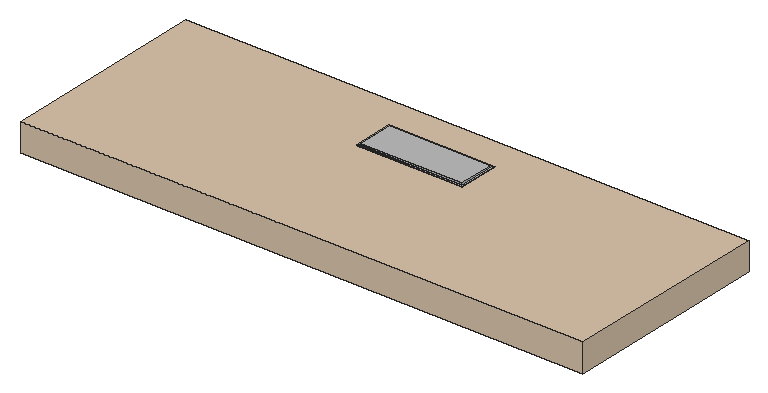
Revit family "Haworth_Patterns_ReferenceTop", category Furniture Systems, Revit 2018
Family settings
  Round Connector Dimension = Use Diameter
  Part Type = Normal
  OmniClass Number = 23.40.70.14.64.21
  OmniClass Title = Systems Furniture
  Work Plane-Based = No
  Always vertical = Yes
  Cut with Voids When Loaded = No
  Shared = No
  Room Calculation Point = No
Parameters (values of type "60w 22d")
  Warranty = "http://www.haworth.com/resources/product-info/warranties"
  URL - Product = "https://www.haworth.com/na/en/products/collaborative-conference/patterns.html"
  Top Finish = Haworth _ Wood _ White Oak
  Top Edge Finish = Haworth _ Wood _ White Oak
  Sustainability Info = "http://www.haworth.com/company-info/sustainability"
  Model = "Haworth - Patterns - Reference Top"  # constant formula
  Min. Depth = 22"  # constant formula
  Max. Depth = 42"  # constant formula
  Width = 60"
  URL = "https://www.haworth.com/na/en.html"
  Size = "Verify Final Dim. w/ Haworth"  # constant formula
  Revision Number = "3"  # constant formula
  Standard Widths = "48, 60, 72 in."  # constant formula
  Standard Height = "44.5 in."  # constant formula
  Min. Width = 48"  # constant formula
  Max. Width = 72"  # constant formula
  Manufacturer = "Haworth"  # constant formula
  Flip Up Hatch Finish = Haworth _ Paint _ Metallic Champagne
  Flip Top Location = if(Actual Depth < 23", 5 1/2", Actual Depth / 2)  # 5 1/2"
  Flip Top = yes
  Description = "Haworth - Patterns - Reference Top"  # constant formula
  Depth = 22"
  Cutout Width = 11 1/4"  # constant formula
  Cutout Height = Actual Mounting Height + Top Thickness  # 47 1/2"
  Cutout Depth = 4 3/8"  # constant formula
  Custom Size = not(and(or(Width = 48", Width = 60", Width = 72"), or(Depth = 22", Depth = 42")))  # no
  Author = "SHAPE Environments, LLC"  # constant formula
  Assembly Code = "E2020200"
  Actual Width = if(Width > Max. Width, Max. Width, if(Width < Min. Width, Min. Width, Width))  # 60"
  Actual Mounting Height = 44 1/2"
  Top Thickness = 3"  # constant formula
  Standard Depths = "22, 42, in."  # constant formula
  Actual Depth = if(Depth > Max. Depth, Max. Depth, if(Depth < Min. Depth, Min. Depth, Depth))  # 22"
Reference planes (in)
  plane 1 "Center F/B": y = 0
  plane 2 "Floor": z = 0
  plane 3 "Center L/R": x = 0
  plane 4 "Table Edge Left": x = -30
  plane 5 "Table Edge Right": x = 30
  plane 6 "Table Edge Front": y = -11
  plane 7 "Table Edge Back": y = 11
  plane 8 "Bottom": z = 44.5
  plane 9 "Top": z = 47.5
Lines and regions (in)
  Masking region 1
    outline origin (0, 0, 0) x (1, 0, 0) y (0, 1, 0)
      loop
        line (-30, 11) -> (-30, -11) -> (30, -11) -> (30, 11) -> (-30, 11)
  Masking region 2, visible <- "Flip Top"
    outline origin (0, 0, 0) x (1, 0, 0) y (0, 1, 0)
      loop
        line (-5.625, 7.6875) -> (-5.625, 3.3125) -> (5.625, 3.3125) -> (5.625, 7.6875) -> (-5.625, 7.6875)
Dimensions and locks (in)
  "Actual Depth": plane 7 "Table Edge Back" to plane 6 "Table Edge Front"
  "Actual Width": plane 4 "Table Edge Left" to plane 5 "Table Edge Right"
  equal spacing: plane 4 "Table Edge Left", plane 3 "Center L/R", plane 5 "Table Edge Right"
  equal spacing: plane 7 "Table Edge Back", plane 1 "Center F/B", plane 6 "Table Edge Front"
  "Actual Mounting Height": plane 8 "Bottom" to level
  "Top Thickness": plane 9 "Top" to plane 8 "Bottom"
  "Flip Top Location": plane 7 "Table Edge Back" to nested 2
  aligned and locked: plane 3 "Center L/R" to nested 1
  aligned and locked: plane 1 "Center F/B" to nested 1
  aligned and locked: Masking region 1 sketch curve to plane 7 "Table Edge Back"
  aligned and locked: plane 4 "Table Edge Left" to Masking region 1 sketch curve
  aligned and locked: plane 6 "Table Edge Front" to Masking region 1 sketch curve
  aligned and locked: Masking region 1 sketch curve to plane 5 "Table Edge Right"
  aligned and locked: plane 8 "Bottom" to nested 1
  aligned and locked: plane 3 "Center L/R" to nested 2
  aligned and locked: nested 1 to Masking region 2 sketch curve
  aligned and locked: Masking region 2 sketch curve to nested 1  (x3)
  aligned and locked: Masking region 1 to plane 4 "Table Edge Left"
  aligned and locked: plane 5 "Table Edge Right" to Masking region 1
  aligned and locked: plane 7 "Table Edge Back" to Masking region 1
  aligned and locked: Masking region 1 to plane 6 "Table Edge Front"
  aligned and locked: plane 9 "Top" to nested 2
Nested families (in)
  nested 1: "Haworth_Worksurface-Rectangular" at (0, -16.17355, 3), type "Worksurface"
  nested 2: "Haworth-Hatch" at (-0.57037, 5.44751, 0), visible <- "Flip Top", type "Hatch"
    with Actual Width 11 1/4", Actual Height 47 1/2", Actual Depth 4 3/8"
Definition of nested family "Haworth_Worksurface-Rectangular"
  Parameters
    Width = 0"
    Warranty = ""
    URL - Product = ""
    URL = "www.haworth.com"
    Table Thickness = 3"
    Table Finish = none
    Table Edge Finish = none
    Sustainability Info = ""
    Squared Corners = yes
    Size = "Verify Final Dim. w/ Haworth"  # constant formula
    Rounded Corners = no
    Revision Number = ""
    OmniClass Number = ""
    Min/Max Width = ""
    Min/Max Height = ""
    Min. Width = 0"
    Max. Width = 0"
    Min. Height = 0"
    Max. Height = 0"
    Material Options = ""
    Manufacturer = "Haworth"  # constant formula
    LEED Data = ""
    Height = 0"
    Cutout Dimension 2 = 5 1/2"
    Cutout Dimension = if(Cutout, 3 3/4", 1")  # 3 3/4"
    Cutout = yes
    Author = "SHAPE Environments, LLC"  # constant formula
    Assembly Code = ""
    Actual Width = 60"
    Actual Height = 44 1/2"
    Actual Depth = 22"
  Reference planes (in)
    plane 1 "Center F/B": y = 16.17355
    plane 2: z = 0
    plane 3 "Center L/R": x = 0
    plane 4 "Table Front": y = 27.17355
    plane 5 "Table Right": x = 30
    plane 6 "Table Left": x = -30
    plane 7 "Table Back": y = 5.17355
    plane 8 "Table Top": z = 44.5
    plane 9 "Table Bottom": z = 41.5
    plane 10 "Flip Top Centerline": y = 21.67355
    plane 11 "Cutout Top": z = 45.5
    plane 12 "Cutout Bottom": z = 41.75
  Forms (in)
    Extrusion 1, solid, material <- "Table Finish", visible <- "Squared Corners"
      sketch origin (0, 0, 0) x (1, 0, 0) y (0, 1, 0)
        loop
          line (-30, 27.17355) -> (-30, 5.17355) -> (30, 5.17355) -> (30, 27.17355) -> (-30, 27.17355)
      from 41.5 to 44.5
    Extrusion 2, void
      sketch origin (0, 0, 44.5) x (-1, 0, 0) y (0, -1, 0)
        loop
          line (5.625, -23.86105) -> (5.625, -19.48605) -> (-5.625, -19.48605) -> (-5.625, -23.86105) -> (5.625, -23.86105)
      from -2.75 to 1
  Cuts and joins
    Extrusion 2 cuts Extrusion 1
  Dimensions and locks (in)
    "Actual Depth": plane 7 "Table Back" to plane 4 "Table Front"
    "Actual Width": plane 6 "Table Left" to plane 5 "Table Right"
    equal spacing: plane 6 "Table Left", plane 3 "Center L/R", plane 5 "Table Right"
    equal spacing: plane 4 "Table Front", plane 1 "Center F/B", plane 7 "Table Back"
    "Table Thickness": plane 8 "Table Top" to plane 9 "Table Bottom"
    "Actual Height": plane 8 "Table Top" to level
    locked: plane 11 "Cutout Top" to plane 8 "Table Top" at 1
    "Cutout Dimension": plane 11 "Cutout Top" to plane 12 "Cutout Bottom"
    "Cutout Dimension 2": plane 4 "Table Front" to plane 10 "Flip Top Centerline"
    equal spacing: Extrusion 2 sketch curve, plane 3 "Center L/R", Extrusion 2 sketch curve
    Extrusion 2 sketch curve to Extrusion 2 sketch curve = 11 1/4"
    equal spacing: Extrusion 2 sketch curve, plane 10 "Flip Top Centerline", Extrusion 2 sketch curve
    Extrusion 2 sketch curve to Extrusion 2 sketch curve = 4 3/8"
    aligned and locked: plane 6 "Table Left" to Extrusion 1 sketch curve
    aligned and locked: Extrusion 1 sketch curve to plane 4 "Table Front"
    aligned and locked: plane 7 "Table Back" to Extrusion 1 sketch curve
    aligned and locked: plane 5 "Table Right" to Extrusion 1 sketch curve
    aligned and locked: plane 8 "Table Top" to Extrusion 1
    aligned and locked: Extrusion 1 to plane 9 "Table Bottom"
    aligned and locked: Extrusion 2 to plane 12 "Cutout Bottom"
    aligned and locked: plane 11 "Cutout Top" to Extrusion 2
    aligned and locked: plane 4 "Table Front" to Extrusion 1
    aligned and locked: plane 7 "Table Back" to Extrusion 1
    aligned and locked: Extrusion 1 to plane 5 "Table Right"
    aligned and locked: Extrusion 1 to plane 6 "Table Left"
  Automatic sketch dimensions
    plane 10 "Flip Top Centerline" to Extrusion 2 sketch curve = 2 3/16"
Definition of nested family "Haworth-Hatch"
  Parameters
    Warranty = ""
    URL - Product = ""
    URL = ""
    Sustainability Info = ""
    Size = "Verify Final Dim. w/ Haworth"  # constant formula
    Revision Number = ""
    OmniClass Number = ""
    Material Options = ""
    Manufacturer = "Haworth"  # constant formula
    LEED Data = ""
    Flip Top Finish = none
    Author = "SHAPE Environments, LLC"  # constant formula
    Assembly Code = ""
    Actual Width = 10 1/2"
    Actual Height = 29"
    Actual Depth = 6"
  Reference planes (in)
    plane 1 "Center F/B": y = 0.05249
    plane 2: z = 0
    plane 3 "Center L/R": x = 0.57037
    plane 4 "Back": y = 3.05249
    plane 5 "Right": x = 5.82037
    plane 6 "Front": y = -2.94751
    plane 7 "Left": x = -4.67963
    plane 8 "Table Height": z = 29
  Forms (in)
    Extrusion 1, solid, material <- "Flip Top Finish"
      sketch origin (0, 0, 29) x (-1, 0, 0) y (0, -1, 0)
        loop
          line (4.42963, -2.80249) -> (4.42963, 2.69751) -> (-5.57037, 2.69751) -> (-5.57037, -2.80249) -> (4.42963, -2.80249)
      from -0.36099 to 0.125
    Extrusion 2, solid, material <- "Flip Top Finish"
      sketch origin (0, 0, 29) x (-1, 0, 0) y (0, -1, 0)
        loop
          line (4.67963, -3.05249) -> (4.67963, 2.94751) -> (-5.82037, 2.94751) -> (-5.82037, -3.05249) -> (4.67963, -3.05249)
      from 0 to -2.75
  Cuts and joins
    joined: Extrusion 1, Extrusion 2
  Dimensions and locks (in)
    equal spacing: plane 7 "Left", plane 3 "Center L/R", plane 5 "Right"
    "Actual Width": plane 7 "Left" to plane 5 "Right"
    equal spacing: plane 6 "Front", plane 1 "Center F/B", plane 4 "Back"
    "Actual Depth": plane 4 "Back" to plane 6 "Front"
    "Actual Height": plane 8 "Table Height" to level
    plane 7 "Left" to Extrusion 1 sketch curve = 1/4"
    Extrusion 1 sketch curve to plane 5 "Right" = 1/4"
    plane 4 "Back" to Extrusion 1 sketch curve = 1/4"
    Extrusion 1 sketch curve to plane 6 "Front" = 1/4"
    aligned and locked: plane 4 "Back" to Extrusion 2
    aligned and locked: plane 5 "Right" to Extrusion 2
    aligned and locked: Extrusion 2 to plane 6 "Front"
  Automatic sketch dimensions
    Extrusion 2 sketch curve to plane 7 "Left" = 0"
    Extrusion 2 sketch curve to plane 6 "Front" = 0"
    Extrusion 2 sketch curve to plane 5 "Right" = 0"
    Extrusion 2 sketch curve to plane 4 "Back" = 0"
